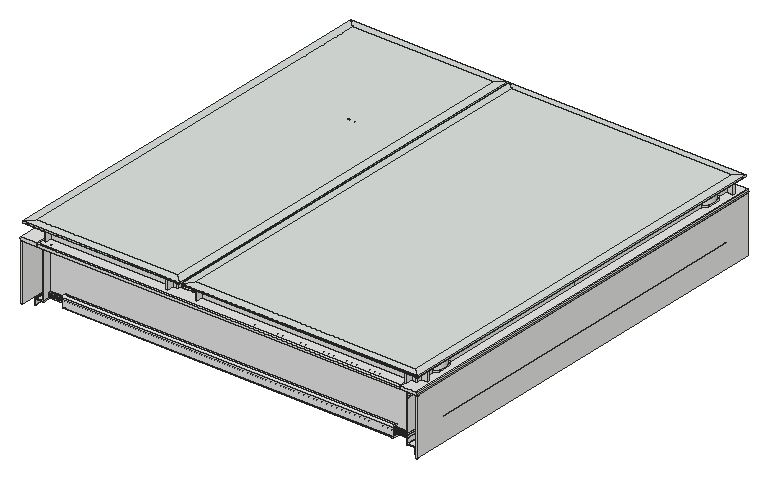
Revit family "Furniture-Medicine_Cabinet-KOHLER-Elosis-K-24656T_1", category Casework, host Face, Revit 2022
Family settings
  Host = Face
  OmniClass Number = 23.25.53.11.13.11
  OmniClass Title = Medicine Cabinet
  Cut with Voids When Loaded = No
  Shared = No
  Room Calculation Point = No
Parameters (values of type "0-White")
  Width = 25 3/64"  # constant formula
  WaterSense Certified = 1 = 0  # no
  URL = "http://www.kohler.com.cn/"
  Type = 1
  Product Page URL = ""
  Product Name = "Elosis"  # constant formula
  Product Documentation Link = ""
  Model = "K-24656T-0"  # constant formula
  Material = "Aluminium Construction"  # constant formula
  Master Format 2014 Name = "Bathroom Casework"  # constant formula
  Master Format 2014 = "12 35 30.23"  # constant formula
  Manufacturer Address = "Kohler Beijing Office (100016) 36-2-03-B, No. 88, Liuxiang Road, Beijing"  # constant formula
  Manufacturer = "Kohler Co."  # constant formula
  Product Finish = Kohler-Metal-0-White
  Height = 26 9/64"  # constant formula
  Hardware Included = 1 = 1  # yes
  Finish = "Kohler-Metal-0-White"  # constant formula
  Environmental Product Declaration = ""
  Description = "(635MM)-WHITE"  # constant formula
  Depth = 4 201/256"  # constant formula
  Default Elevation = 60"
  Declare Label = ""
  Date Modified = "05/09/2022"  # constant formula
  Date Created = "05/09/2022"  # constant formula
  Copyright = "Copyright Kohler Co."  # constant formula
  Contact Us = "http://www.kohler.com.cn/contact/contact-us/"
  Construction Type = "Wall Mount"  # constant formula
  Assembly Code = "E2010.30"
  ADA Compliant = 1 = 0  # no
Reference planes
  plane 1 "Center (Front/Back)": y = 0
  plane 2: z = 0
  plane 3 "Center (Left/Right)": x = 0
  plane 4: x = -318.1
  plane 5: y = 332
  plane 6: x = -295.622
  plane 7: y = 332
  plane 8: x = 318.091
  plane 9: y = 328.6
  plane 10: y = -332
  plane 11: y = -331.972
  plane 12: y = -328.6
  plane 13: x = -65.5
  plane 14: x = -61.509
  plane 15: z = 121.543
  plane 16: z = 102.2
  plane 17: z = 99.308
Dimensions and locks
  "Width": plane 4 to plane 8
  "Height": plane 7 to plane 11
  plane 4 to plane 13 = 9.94488"
  plane 14 to plane 8 = 14.94488"
  plane 9 to plane 12 = 25.87402"
  "Depth": plane 15 to level
  aligned and locked: plane 2 to host face
  aligned and locked: level to host face
Automatic sketch dimensions
  host sketch curve to host sketch curve = 96"  (x2)
Nested families
  nested 1: "K-24656T" at (0, 0, 0), type "K-24656T"
Definition of nested family "K-24656T"
  Parameters
    Material = none
    Default Elevation = 0"
  Reference planes
    plane 1 "Center (Front/Back)": y = 0
    plane 2: z = 0
    plane 3 "Center (Left/Right)": x = 0
    plane 4: x = -318.1
    plane 5: x = 318.1
    plane 6: x = -65.5
    plane 7: x = -61.5
    plane 8: y = 332
    plane 9: y = -332
    plane 10: z = 121.5
    plane 11: y = 328.6
    plane 12: y = -328.6
    plane 13: z = 102.2
    plane 14 "A": x = -295.622
  Forms (mm)
    Extrusion 1, solid, material <- "Material", detail levels medium+fine
      sketch origin (0, 0, 0) x (0, 1, 0) y (0, 0, 1)
        loop
          line (305, 97.656) -> (305, 13.443)
          arc (305, 13.443) -> (304.14, 11.368) -> (302.065, 10.508) r 2.935
          line (302.065, 10.508) -> (276.799, 10.508)
          arc (276.799, 10.508) -> (276.199, 9.908) -> (276.799, 9.308) r 0.6
          line (276.799, 9.308) -> (289.2, 9.308) -> (289.2, 4.908)
          arc (289.2, 4.908) -> (289.8, 4.308) -> (290.4, 4.908) r 0.6
          line (290.4, 4.908) -> (290.4, 9.308) -> (306.2, 9.308) -> (306.2, 12.941)
          arc (306.2, 12.941) -> (306.419, 13.377) -> (306.899, 13.462) r 0.543
          arc (306.899, 13.462) -> (308.404, 13.523) -> (309.553, 14.497) r 2.316
          arc (309.553, 14.497) -> (309.434, 15.375) -> (308.551, 15.458) r 0.713
          arc (308.551, 15.458) -> (305.994, 16.485) -> (308.528, 17.566) r 1.491
          arc (308.528, 17.566) -> (309.546, 17.934) -> (309.353, 18.999) r 0.838
          arc (309.353, 18.999) -> (308.168, 19.581) -> (306.847, 19.566) r 2.847
          arc (306.847, 19.566) -> (306.4, 19.66) -> (306.2, 20.07) r 0.52
          line (306.2, 20.07) -> (306.2, 85.714)
          arc (306.2, 85.714) -> (306.419, 86.149) -> (306.899, 86.234) r 0.543
          arc (306.899, 86.234) -> (308.404, 86.296) -> (309.553, 87.269) r 2.316
          arc (309.553, 87.269) -> (309.434, 88.148) -> (308.551, 88.23) r 0.713
          arc (308.551, 88.23) -> (305.994, 89.257) -> (308.528, 90.339) r 1.491
          arc (308.528, 90.339) -> (309.546, 90.707) -> (309.353, 91.771) r 0.838
          arc (309.353, 91.771) -> (308.168, 92.354) -> (306.847, 92.338) r 2.847
          arc (306.847, 92.338) -> (306.4, 92.433) -> (306.2, 92.843) r 0.52
          line (306.2, 92.843) -> (306.2, 97.244)
          arc (306.2, 97.244) -> (306.453, 97.855) -> (307.064, 98.108) r 0.864
          line (307.064, 98.108) -> (330.8, 98.108) -> (330.8, 95.607) -> (329.589, 95.607) -> (329.589, 94.308) -> (332, 94.308) -> (332, 97.953)
          arc (332, 97.953) -> (331.603, 98.911) -> (330.645, 99.308) r 1.355
          line (330.645, 99.308) -> (306.652, 99.308)
          arc (306.652, 99.308) -> (305.484, 98.824) -> (305, 97.656) r 1.652
        loop
          arc (-305, 97.656) -> (-305.484, 98.824) -> (-306.652, 99.308) r 1.652
          line (-306.652, 99.308) -> (-330.645, 99.308)
          arc (-330.645, 99.308) -> (-331.603, 98.911) -> (-332, 97.953) r 1.355
          line (-332, 97.953) -> (-332, 94.308) -> (-329.589, 94.308) -> (-329.589, 95.607) -> (-330.8, 95.607) -> (-330.8, 98.108) -> (-307.064, 98.108)
          arc (-307.064, 98.108) -> (-306.453, 97.855) -> (-306.2, 97.244) r 0.864
          line (-306.2, 97.244) -> (-306.2, 92.843)
          arc (-306.2, 92.843) -> (-306.4, 92.433) -> (-306.847, 92.338) r 0.52
          arc (-306.847, 92.338) -> (-308.168, 92.354) -> (-309.353, 91.771) r 2.847
          arc (-309.353, 91.771) -> (-309.546, 90.707) -> (-308.528, 90.339) r 0.838
          arc (-308.528, 90.339) -> (-305.994, 89.257) -> (-308.551, 88.23) r 1.491
          arc (-308.551, 88.23) -> (-309.434, 88.148) -> (-309.553, 87.269) r 0.713
          arc (-309.553, 87.269) -> (-308.404, 86.296) -> (-306.899, 86.234) r 2.316
          arc (-306.899, 86.234) -> (-306.419, 86.149) -> (-306.2, 85.714) r 0.543
          line (-306.2, 85.714) -> (-306.2, 20.07)
          arc (-306.2, 20.07) -> (-306.4, 19.66) -> (-306.847, 19.566) r 0.52
          arc (-306.847, 19.566) -> (-308.168, 19.581) -> (-309.353, 18.999) r 2.847
          arc (-309.353, 18.999) -> (-309.546, 17.934) -> (-308.528, 17.566) r 0.838
          arc (-308.528, 17.566) -> (-305.994, 16.485) -> (-308.551, 15.458) r 1.491
          arc (-308.551, 15.458) -> (-309.434, 15.375) -> (-309.553, 14.497) r 0.713
          arc (-309.553, 14.497) -> (-308.404, 13.523) -> (-306.899, 13.462) r 2.316
          arc (-306.899, 13.462) -> (-306.419, 13.377) -> (-306.2, 12.941) r 0.543
          line (-306.2, 12.941) -> (-306.2, 9.308) -> (-290.4, 9.308) -> (-290.4, 4.908)
          arc (-290.4, 4.908) -> (-289.8, 4.308) -> (-289.2, 4.908) r 0.6
          line (-289.2, 4.908) -> (-289.2, 9.308) -> (-276.799, 9.308)
          arc (-276.799, 9.308) -> (-276.199, 9.908) -> (-276.799, 10.508) r 0.6
          line (-276.799, 10.508) -> (-302.065, 10.508)
          arc (-302.065, 10.508) -> (-304.14, 11.368) -> (-305, 13.443) r 2.935
          line (-305, 13.443) -> (-305, 97.656)
      from -291 to 291
    Extrusion 2, solid, material <- "Material", detail levels medium+fine
      sketch origin (0, 0, 0) x (1, 0, 0) y (0, 0, 1)
        loop
          line (292.239, 82.851) -> (292.239, 94.708) -> (291, 94.708) -> (291, 10.362)
          arc (291, 10.362) -> (291.309, 9.617) -> (292.054, 9.308) r 1.054
          line (292.054, 9.308) -> (303.082, 9.308)
          arc (303.082, 9.308) -> (303.59, 9.098) -> (303.8, 8.59) r 0.718
          line (303.8, 8.59) -> (303.8, 0.6)
          arc (303.8, 0.6) -> (304.4, 0) -> (305, 0.6) r 0.6
          line (305, 0.6) -> (305, 9.624)
          arc (305, 9.624) -> (304.741, 10.249) -> (304.116, 10.508) r 0.884
          line (304.116, 10.508) -> (292.891, 10.508)
          arc (292.891, 10.508) -> (292.403, 10.711) -> (292.2, 11.199) r 0.691
          line (292.2, 11.199) -> (292.2, 18.808)
          arc (292.2, 18.808) -> (292.494, 19.163) -> (292.6, 19.612) r 1.008
          line (292.6, 19.612) -> (292.6, 21.734) -> (291.747, 22.331) -> (292.6, 22.929) -> (292.6, 25.012)
          arc (292.6, 25.012) -> (292.506, 25.47) -> (292.239, 25.855) r 1.166
          line (292.239, 25.855) -> (292.239, 75.835)
          arc (292.239, 75.835) -> (292.505, 76.182) -> (292.6, 76.608) r 1.008
          line (292.6, 76.608) -> (292.6, 78.73) -> (291.747, 79.327) -> (292.6, 79.925) -> (292.6, 82.008)
          arc (292.6, 82.008) -> (292.506, 82.467) -> (292.239, 82.851) r 1.166
      from -319 to 319
    Extrusion 3, solid, material <- "Material", detail levels medium+fine
      sketch origin (0, 0, 0) x (-1, 0, 0) y (0, 0, -1)
        loop
          arc (292.239, -82.851) -> (292.506, -82.467) -> (292.6, -82.008) r 1.166
          line (292.6, -82.008) -> (292.6, -79.925) -> (291.747, -79.327) -> (292.6, -78.73) -> (292.6, -76.608)
          arc (292.6, -76.608) -> (292.505, -76.182) -> (292.239, -75.835) r 1.008
          line (292.239, -75.835) -> (292.239, -25.855)
          arc (292.239, -25.855) -> (292.506, -25.47) -> (292.6, -25.012) r 1.166
          line (292.6, -25.012) -> (292.6, -22.929) -> (291.747, -22.331) -> (292.6, -21.734) -> (292.6, -19.612)
          arc (292.6, -19.612) -> (292.494, -19.163) -> (292.2, -18.808) r 1.008
          line (292.2, -18.808) -> (292.2, -11.199)
          arc (292.2, -11.199) -> (292.403, -10.711) -> (292.891, -10.508) r 0.691
          line (292.891, -10.508) -> (304.116, -10.508)
          arc (304.116, -10.508) -> (304.741, -10.249) -> (305, -9.624) r 0.884
          line (305, -9.624) -> (305, -0.6)
          arc (305, -0.6) -> (304.4, 0) -> (303.8, -0.6) r 0.6
          line (303.8, -0.6) -> (303.8, -8.59)
          arc (303.8, -8.59) -> (303.59, -9.098) -> (303.082, -9.308) r 0.718
          line (303.082, -9.308) -> (292.054, -9.308)
          arc (292.054, -9.308) -> (291.309, -9.617) -> (291, -10.362) r 1.054
          line (291, -10.362) -> (291, -94.708) -> (292.239, -94.708) -> (292.239, -82.851)
      from -319 to 319
    Extrusion 4, solid, material <- "Material", detail levels medium+fine
      sketch origin (0, 0, 0) x (1, 0, 0) y (0, 0, 1)
        loop
          line (-291, 99.308) -> (-316.575, 99.308)
          arc (-316.575, 99.308) -> (-317.583, 98.891) -> (-318, 97.884) r 1.425
          line (-318, 97.884) -> (-318, 94.91)
          arc (-318, 94.91) -> (-317.824, 94.484) -> (-317.398, 94.308) r 0.602
          line (-317.398, 94.308) -> (-315.9, 94.308)
          arc (-315.9, 94.308) -> (-315.496, 94.415) -> (-315.197, 94.708) r 0.818
          line (-315.197, 94.708) -> (-291, 94.708) -> (-291, 99.308)
      from -332 to 332
    Extrusion 5, solid, material <- "Material", detail levels medium+fine
      sketch origin (0, 0, 0) x (1, 0, 0) y (0, 0, 1)
        loop
          line (-315.1, 3.808) -> (-315.1, 93.808)
          arc (-315.1, 93.808) -> (-316.6, 94.309) -> (-318.1, 93.808) r 2.498
          line (-318.1, 93.808) -> (-318.1, 3.808)
          arc (-318.1, 3.808) -> (-316.6, 3.298) -> (-315.1, 3.808) r 2.462
      from -330.8 to 330.8
    Extrusion 6, solid, material <- "Material", detail levels medium+fine
      sketch origin (0, 0, 0) x (-1, 0, 0) y (0, 0, -1)
        loop
          line (-291, -99.308) -> (-291, -94.708) -> (-315.197, -94.708)
          arc (-315.197, -94.708) -> (-315.496, -94.415) -> (-315.9, -94.308) r 0.818
          line (-315.9, -94.308) -> (-317.398, -94.308)
          arc (-317.398, -94.308) -> (-317.824, -94.484) -> (-318, -94.91) r 0.602
          line (-318, -94.91) -> (-318, -97.884)
          arc (-318, -97.884) -> (-317.583, -98.891) -> (-316.575, -99.308) r 1.425
          line (-316.575, -99.308) -> (-291, -99.308)
      from -332 to 332
    Extrusion 7, solid, material <- "Material", detail levels medium+fine
      sketch origin (0, 0, 0) x (-1, 0, 0) y (0, 0, -1)
        loop
          arc (-315.1, -3.808) -> (-316.6, -3.298) -> (-318.1, -3.808) r 2.462
          line (-318.1, -3.808) -> (-318.1, -93.808)
          arc (-318.1, -93.808) -> (-316.6, -94.309) -> (-315.1, -93.808) r 2.498
          line (-315.1, -93.808) -> (-315.1, -3.808)
      from -330.8 to 330.8
    Extrusion 8, solid, material <- "Material", detail levels medium+fine
      sketch origin (0, 0, 0) x (1, 0, 0) y (0, 1, 0)
        loop
          line (-302.5, 287) -> (-302.5, -287) -> (302.5, -287) -> (302.5, 287) -> (-302.5, 287)
      from 6.308 to 9.308
    Extrusion 9, solid, material <- "Material", detail levels medium+fine
      sketch origin (0, 0, 0) x (0, 1, 0) y (0, 0, 1)
        loop
          line (-311.763, 9.543) -> (-311.763, 21.42)
          arc (-311.763, 21.42) -> (-311.298, 22.543) -> (-310.175, 23.008) r 1.588
          line (-310.175, 23.008) -> (-306.863, 23.008) -> (-306.863, 24.508) -> (-310.26, 24.508)
          arc (-310.26, 24.508) -> (-312.383, 23.629) -> (-313.263, 21.506) r 3.003
          line (-313.263, 21.506) -> (-313.263, 7.637)
          arc (-313.263, 7.637) -> (-312.932, 6.839) -> (-312.133, 6.508) r 1.129
          line (-312.133, 6.508) -> (-304.863, 6.508) -> (-303.563, 7.808) -> (-296.163, 7.808) -> (-294.863, 6.508) -> (-290.863, 6.508) -> (-290.863, 8.008) -> (-294.241, 8.008) -> (-295.541, 9.308) -> (-304.184, 9.308) -> (-305.484, 8.008) -> (-310.228, 8.008)
          arc (-310.228, 8.008) -> (-311.313, 8.458) -> (-311.763, 9.543) r 1.535
      from -265 to 265.096
    Extrusion 10, solid, material <- "Material", detail levels medium+fine
      sketch origin (0, 0, 0) x (1, 0, 0) y (0, 1, 0)
        loop
          line (-293.4, -222.705) -> (-293.4, -239.295) -> (-315.1, -260.25) -> (-315.1, -278.25) -> (-314.3, -278.25) -> (-314.3, -260.59) -> (-292.6, -239.634) -> (-292.6, -222.366) -> (-314.3, -201.41) -> (-314.3, -183.75) -> (-315.1, -183.75) -> (-315.1, -201.75) -> (-293.4, -222.705)
        loop
          line (293.4, -222.705) -> (315.1, -201.75) -> (315.1, -183.75) -> (314.3, -183.75) -> (314.3, -201.41) -> (292.6, -222.366) -> (292.6, -239.634) -> (314.3, -260.59) -> (314.3, -278.25) -> (315.1, -278.25) -> (315.1, -260.25) -> (293.4, -239.295) -> (293.4, -222.705)
        loop
          line (-293.4, 222.705) -> (-315.1, 201.75) -> (-315.1, 183.75) -> (-314.3, 183.75) -> (-314.3, 201.41) -> (-292.239, 222.714) -> (-292.239, 239.286) -> (-314.3, 260.59) -> (-314.3, 278.25) -> (-315.1, 278.25) -> (-315.1, 260.25) -> (-293.4, 239.295) -> (-293.4, 222.705)
        loop
          line (293.4, 222.705) -> (293.4, 239.295) -> (315.1, 260.25) -> (315.1, 278.25) -> (314.3, 278.25) -> (314.3, 260.59) -> (292.239, 239.286) -> (292.239, 222.714) -> (314.3, 201.41) -> (314.3, 183.75) -> (315.1, 183.75) -> (315.1, 201.75) -> (293.4, 222.705)
      from 10.508 to 95.607
    Extrusion 11, solid, material <- "Material", detail levels medium+fine
      sketch origin (0, 0, 0) x (1, 0, 0) y (0, 1, 0)
        loop
          arc (-47.853, 316) -> (-49.548, 315.298) -> (-50.25, 313.603) r 2.397
          line (-50.25, 313.603) -> (-50.25, 307.5) -> (-60.25, 307.5) -> (-60.25, 305) -> (-50.25, 305) -> (-50.25, -305) -> (-60.25, -305) -> (-60.25, -307.5) -> (-50.25, -307.5) -> (-50.25, -313.64)
          arc (-50.25, -313.64) -> (-49.559, -315.309) -> (-47.89, -316) r 2.36
          line (-47.89, -316) -> (-41.75, -316) -> (-41.75, -326) -> (-39.25, -326) -> (-39.25, -316) -> (294.25, -316) -> (294.25, -326) -> (296.75, -326) -> (296.75, -316) -> (302.761, -316)
          arc (302.761, -316) -> (304.521, -315.271) -> (305.25, -313.511) r 2.489
          line (305.25, -313.511) -> (305.25, -307.5) -> (315.25, -307.5) -> (315.25, -305) -> (305.25, -305) -> (305.25, -1.278) -> (305.25, 305) -> (315.25, 305) -> (315.25, 307.5) -> (305.25, 307.5) -> (305.25, 313.603)
          arc (305.25, 313.603) -> (304.548, 315.298) -> (302.853, 316) r 2.397
          line (302.853, 316) -> (296.75, 316) -> (296.75, 326) -> (294.25, 326) -> (294.25, 316) -> (-39.25, 316) -> (-39.25, 326) -> (-41.75, 326) -> (-41.75, 316) -> (-47.853, 316)
        loop
          arc (-290.203, 316) -> (-291.898, 315.298) -> (-292.6, 313.603) r 2.397
          line (-292.6, 313.603) -> (-292.6, 307.5) -> (-302.6, 307.5) -> (-302.6, 305) -> (-292.6, 305) -> (-292.6, -305) -> (-302.6, -305) -> (-302.6, -307.5) -> (-292.6, -307.5) -> (-292.6, -313.64)
          arc (-292.6, -313.64) -> (-291.909, -315.309) -> (-290.24, -316) r 2.36
          line (-290.24, -316) -> (-284.1, -316) -> (-284.1, -326) -> (-281.6, -326) -> (-281.6, -316) -> (-88.775, -316) -> (-88.775, -326) -> (-86.275, -326) -> (-86.275, -316) -> (-80.135, -316)
          arc (-80.135, -316) -> (-78.466, -315.309) -> (-77.775, -313.64) r 2.36
          line (-77.775, -313.64) -> (-77.775, -307.5) -> (-67.775, -307.5) -> (-67.775, -305) -> (-77.775, -305) -> (-77.775, 305) -> (-67.775, 305) -> (-67.775, 307.5) -> (-77.775, 307.5) -> (-77.775, 313.603)
          arc (-77.775, 313.603) -> (-78.477, 315.298) -> (-80.172, 316) r 2.397
          line (-80.172, 316) -> (-86.275, 316) -> (-86.275, 326) -> (-88.775, 326) -> (-88.775, 316) -> (-281.6, 316) -> (-281.6, 326) -> (-284.1, 326) -> (-284.1, 316) -> (-290.203, 316)
      from 102.2 to 116.408
    Extrusion 12, solid, material <- "Material", detail levels medium+fine
      sketch origin (0, 0, 0) x (1, 0, 0) y (0, 1, 0)
        loop
          line (-291, -306.863) -> (291, -306.863) -> (291, 308.528) -> (-291, 308.528) -> (-291, -306.863)
      from 93.808 to 94.708
    Sweep 13, solid, detail levels medium+fine
      path origin (0, 0, 0) x (1, 0, 0) y (0, 1, 0)
        loop
          line (-61.5, 328.5) -> (-61.5, -328.5) -> (316.5, -328.5) -> (316.5, 328.5) -> (-61.5, 328.5)
      profile origin (-61.5, 0, 0) x (-1, 0, 0) y (0, 0, 1)
        loop
          line (0, 120.5) -> (-12.5, 121.5) -> (-13.377, 121.5) -> (-13.377, 116.408) -> (-1.935, 116.408)
          arc (-1.935, 116.408) -> (-1.451, 116.609) -> (-1.25, 117.094) r 0.685
          line (-1.25, 117.094) -> (-1.25, 118.5) -> (0, 118.5) -> (0, 120.5)
    Extrusion 14, solid, detail levels medium+fine
      sketch origin (0, 0, 0) x (1, 0, 0) y (0, 1, 0)
        loop
          line (-48.123, 315.123) -> (-48.123, -315.123) -> (303.123, -315.123) -> (303.123, 315.123) -> (-48.123, 315.123)
      from 116.408 to 121.5
    Sweep 15, solid, detail levels medium+fine
      path origin (0, 0, 0) x (1, 0, 0) y (0, 1, 0)
        loop
          line (-65.5, 328.5) -> (-316.5, 328.5) -> (-316.5, -328.5) -> (-65.5, -328.5) -> (-65.5, 328.5)
      profile origin (-316.5, 0, 0) x (1, 0, 0) y (0, 0, 1)
        loop
          line (0, 120.5) -> (0, 118.5) -> (2.403, 118.5) -> (2.403, 117.022)
          arc (2.403, 117.022) -> (2.583, 116.588) -> (3.017, 116.408) r 0.614
          line (3.017, 116.408) -> (13.299, 116.408) -> (13.299, 121.5) -> (12.5, 121.5) -> (0, 120.5)
    Extrusion 16, solid, detail levels medium+fine
      sketch origin (0, 0, 0) x (1, 0, 0) y (0, 1, 0)
        loop
          line (-303.201, 315.201) -> (-303.201, -315.201) -> (-78.799, -315.201) -> (-78.799, 315.201) -> (-303.201, 315.201)
      from 116.408 to 121.5
    Extrusion 17, solid, material <- "Material", detail levels medium+fine
      sketch origin (0, 0, 0) x (1, 0, 0) y (0, 1, 0)
        loop
          line (-312.75, 280.036) -> (-312.75, 258.964)
          arc (-312.75, 258.964) -> (-307.236, 253.127) -> (-299.87, 249.929) r 20
          arc (-299.87, 249.929) -> (-298.706, 249.218) -> (-298.25, 247.932) r 2.041
          line (-298.25, 247.932) -> (-298.25, 240.785)
          arc (-298.25, 240.785) -> (-297.581, 239.169) -> (-295.965, 238.5) r 2.285
          line (-295.965, 238.5) -> (-279.57, 238.5)
          arc (-279.57, 238.5) -> (-277.576, 239.326) -> (-276.75, 241.32) r 2.82
          line (-276.75, 241.32) -> (-276.75, 297.68)
          arc (-276.75, 297.68) -> (-277.576, 299.674) -> (-279.57, 300.5) r 2.82
          line (-279.57, 300.5) -> (-295.965, 300.5)
          arc (-295.965, 300.5) -> (-297.581, 299.831) -> (-298.25, 298.215) r 2.285
          line (-298.25, 298.215) -> (-298.25, 291.068)
          arc (-298.25, 291.068) -> (-298.706, 289.782) -> (-299.87, 289.071) r 2.041
          arc (-299.87, 289.071) -> (-307.236, 285.873) -> (-312.75, 280.036) r 20
        loop
          arc (312.75, 280.036) -> (307.236, 285.873) -> (299.87, 289.071) r 20
          arc (299.87, 289.071) -> (298.706, 289.782) -> (298.25, 291.068) r 2.041
          line (298.25, 291.068) -> (298.25, 298.215)
          arc (298.25, 298.215) -> (297.581, 299.831) -> (295.965, 300.5) r 2.285
          line (295.965, 300.5) -> (279.57, 300.5)
          arc (279.57, 300.5) -> (277.576, 299.674) -> (276.75, 297.68) r 2.82
          line (276.75, 297.68) -> (276.75, 241.32)
          arc (276.75, 241.32) -> (277.576, 239.326) -> (279.57, 238.5) r 2.82
          line (279.57, 238.5) -> (295.965, 238.5)
          arc (295.965, 238.5) -> (297.581, 239.169) -> (298.25, 240.785) r 2.285
          line (298.25, 240.785) -> (298.25, 247.932)
          arc (298.25, 247.932) -> (298.706, 249.218) -> (299.87, 249.929) r 2.041
          arc (299.87, 249.929) -> (307.236, 253.127) -> (312.75, 258.964) r 20
          line (312.75, 258.964) -> (312.75, 280.036)
        loop
          arc (-312.75, -280.036) -> (-307.236, -285.873) -> (-299.87, -289.071) r 20
          arc (-299.87, -289.071) -> (-298.706, -289.782) -> (-298.25, -291.068) r 2.041
          line (-298.25, -291.068) -> (-298.25, -298.215)
          arc (-298.25, -298.215) -> (-297.581, -299.831) -> (-295.965, -300.5) r 2.285
          line (-295.965, -300.5) -> (-279.57, -300.5)
          arc (-279.57, -300.5) -> (-277.576, -299.674) -> (-276.75, -297.68) r 2.82
          line (-276.75, -297.68) -> (-276.75, -241.32)
          arc (-276.75, -241.32) -> (-277.576, -239.326) -> (-279.57, -238.5) r 2.82
          line (-279.57, -238.5) -> (-295.965, -238.5)
          arc (-295.965, -238.5) -> (-297.581, -239.169) -> (-298.25, -240.785) r 2.285
          line (-298.25, -240.785) -> (-298.25, -247.932)
          arc (-298.25, -247.932) -> (-298.706, -249.218) -> (-299.87, -249.929) r 2.041
          arc (-299.87, -249.929) -> (-307.236, -253.127) -> (-312.75, -258.964) r 20
          line (-312.75, -258.964) -> (-312.75, -280.036)
        loop
          line (312.75, -280.036) -> (312.75, -258.964)
          arc (312.75, -258.964) -> (307.236, -253.127) -> (299.87, -249.929) r 20
          arc (299.87, -249.929) -> (298.706, -249.218) -> (298.25, -247.932) r 2.041
          line (298.25, -247.932) -> (298.25, -240.785)
          arc (298.25, -240.785) -> (297.581, -239.169) -> (295.965, -238.5) r 2.285
          line (295.965, -238.5) -> (279.57, -238.5)
          arc (279.57, -238.5) -> (277.576, -239.326) -> (276.75, -241.32) r 2.82
          line (276.75, -241.32) -> (276.75, -297.68)
          arc (276.75, -297.68) -> (277.576, -299.674) -> (279.57, -300.5) r 2.82
          line (279.57, -300.5) -> (295.965, -300.5)
          arc (295.965, -300.5) -> (297.581, -299.831) -> (298.25, -298.215) r 2.285
          line (298.25, -298.215) -> (298.25, -291.068)
          arc (298.25, -291.068) -> (298.706, -289.782) -> (299.87, -289.071) r 2.041
          arc (299.87, -289.071) -> (307.236, -285.873) -> (312.75, -280.036) r 20
      from 105.808 to 104.004
    Extrusion 18, solid, material <- "Material", detail levels medium+fine
      sketch origin (0, 0, 0) x (1, 0, 0) y (0, 1, 0)
        loop
          line (-297.25, -240.9) -> (-297.25, -251.065)
          arc (-297.25, -251.065) -> (-296.83, -252.08) -> (-295.815, -252.5) r 1.435
          line (-295.815, -252.5) -> (-279.15, -252.5)
          arc (-279.15, -252.5) -> (-278.16, -252.09) -> (-277.75, -251.1) r 1.4
          line (-277.75, -251.1) -> (-277.75, -240.9)
          arc (-277.75, -240.9) -> (-278.16, -239.91) -> (-279.15, -239.5) r 1.4
          line (-279.15, -239.5) -> (-295.85, -239.5)
          arc (-295.85, -239.5) -> (-296.84, -239.91) -> (-297.25, -240.9) r 1.4
        loop
          line (-297.25, -287.9) -> (-297.25, -298.065)
          arc (-297.25, -298.065) -> (-296.83, -299.08) -> (-295.815, -299.5) r 1.435
          line (-295.815, -299.5) -> (-279.15, -299.5)
          arc (-279.15, -299.5) -> (-278.16, -299.09) -> (-277.75, -298.1) r 1.4
          line (-277.75, -298.1) -> (-277.75, -287.9)
          arc (-277.75, -287.9) -> (-278.16, -286.91) -> (-279.15, -286.5) r 1.4
          line (-279.15, -286.5) -> (-295.85, -286.5)
          arc (-295.85, -286.5) -> (-296.84, -286.91) -> (-297.25, -287.9) r 1.4
        loop
          arc (-297.25, 240.9) -> (-296.84, 239.91) -> (-295.85, 239.5) r 1.4
          line (-295.85, 239.5) -> (-279.15, 239.5)
          arc (-279.15, 239.5) -> (-278.16, 239.91) -> (-277.75, 240.9) r 1.4
          line (-277.75, 240.9) -> (-277.75, 251.1)
          arc (-277.75, 251.1) -> (-278.16, 252.09) -> (-279.15, 252.5) r 1.4
          line (-279.15, 252.5) -> (-295.815, 252.5)
          arc (-295.815, 252.5) -> (-296.83, 252.08) -> (-297.25, 251.065) r 1.435
          line (-297.25, 251.065) -> (-297.25, 240.9)
        loop
          arc (-297.25, 287.9) -> (-296.84, 286.91) -> (-295.85, 286.5) r 1.4
          line (-295.85, 286.5) -> (-279.15, 286.5)
          arc (-279.15, 286.5) -> (-278.16, 286.91) -> (-277.75, 287.9) r 1.4
          line (-277.75, 287.9) -> (-277.75, 298.1)
          arc (-277.75, 298.1) -> (-278.16, 299.09) -> (-279.15, 299.5) r 1.4
          line (-279.15, 299.5) -> (-295.815, 299.5)
          arc (-295.815, 299.5) -> (-296.83, 299.08) -> (-297.25, 298.065) r 1.435
          line (-297.25, 298.065) -> (-297.25, 287.9)
        loop
          arc (297.25, -240.9) -> (296.84, -239.91) -> (295.85, -239.5) r 1.4
          line (295.85, -239.5) -> (279.15, -239.5)
          arc (279.15, -239.5) -> (278.16, -239.91) -> (277.75, -240.9) r 1.4
          line (277.75, -240.9) -> (277.75, -251.1)
          arc (277.75, -251.1) -> (278.16, -252.09) -> (279.15, -252.5) r 1.4
          line (279.15, -252.5) -> (295.815, -252.5)
          arc (295.815, -252.5) -> (296.83, -252.08) -> (297.25, -251.065) r 1.435
          line (297.25, -251.065) -> (297.25, -240.9)
        loop
          arc (297.25, -287.9) -> (296.84, -286.91) -> (295.85, -286.5) r 1.4
          line (295.85, -286.5) -> (279.15, -286.5)
          arc (279.15, -286.5) -> (278.16, -286.91) -> (277.75, -287.9) r 1.4
          line (277.75, -287.9) -> (277.75, -298.1)
          arc (277.75, -298.1) -> (278.16, -299.09) -> (279.15, -299.5) r 1.4
          line (279.15, -299.5) -> (295.815, -299.5)
          arc (295.815, -299.5) -> (296.83, -299.08) -> (297.25, -298.065) r 1.435
          line (297.25, -298.065) -> (297.25, -287.9)
        loop
          line (297.25, 240.9) -> (297.25, 251.065)
          arc (297.25, 251.065) -> (296.83, 252.08) -> (295.815, 252.5) r 1.435
          line (295.815, 252.5) -> (279.15, 252.5)
          arc (279.15, 252.5) -> (278.16, 252.09) -> (277.75, 251.1) r 1.4
          line (277.75, 251.1) -> (277.75, 240.9)
          arc (277.75, 240.9) -> (278.16, 239.91) -> (279.15, 239.5) r 1.4
          line (279.15, 239.5) -> (295.85, 239.5)
          arc (295.85, 239.5) -> (296.84, 239.91) -> (297.25, 240.9) r 1.4
        loop
          line (297.25, 287.9) -> (297.25, 298.065)
          arc (297.25, 298.065) -> (296.83, 299.08) -> (295.815, 299.5) r 1.435
          line (295.815, 299.5) -> (279.15, 299.5)
          arc (279.15, 299.5) -> (278.16, 299.09) -> (277.75, 298.1) r 1.4
          line (277.75, 298.1) -> (277.75, 287.9)
          arc (277.75, 287.9) -> (278.16, 286.91) -> (279.15, 286.5) r 1.4
          line (279.15, 286.5) -> (295.85, 286.5)
          arc (295.85, 286.5) -> (296.84, 286.91) -> (297.25, 287.9) r 1.4
      from 104.004 to 98.108
    Revolve 19, solid, material <- "Material", detail levels medium+fine
      sketch origin (-295.622, 0, 0) x (0, 1, 0) y (0, 0, 1)
        loop
          line (269.5, 105.808) -> (287.003, 105.808) -> (287.003, 115.301) -> (285.897, 116.408) -> (269.5, 116.408) -> (269.5, 105.808)
        axis (269.5, 116.408) -> (269.5, 105.808)
      angle from 0 to 360
    Revolve 20, solid, material <- "Material", detail levels medium+fine
      sketch origin (-295.622, 0, 0) x (0, -1, 0) y (0, 0, -1)
        loop
          line (269.5, -105.808) -> (269.5, -116.408) -> (285.897, -116.408) -> (287.003, -115.301) -> (287.003, -105.808) -> (269.5, -105.808)
        axis (269.5, -116.408) -> (269.5, -105.808)
      angle from 0 to 360
    Revolve 21, solid, material <- "Material", detail levels medium+fine
      sketch origin (295.622, 0, 0) x (0, 1, 0) y (0, 0, -1)
        loop
          line (269.5, -105.808) -> (269.5, -116.408) -> (285.897, -116.408) -> (287.003, -115.301) -> (287.003, -105.808) -> (269.5, -105.808)
        axis (269.5, -116.408) -> (269.5, -105.808)
      angle from 0 to 360
    Revolve 22, solid, material <- "Material", detail levels medium+fine
      sketch origin (295.622, 0, 0) x (0, -1, 0) y (0, 0, 1)
        loop
          line (269.5, 105.808) -> (287.003, 105.808) -> (287.003, 115.301) -> (285.897, 116.408) -> (269.5, 116.408) -> (269.5, 105.808)
        axis (269.5, 116.408) -> (269.5, 105.808)
      angle from 0 to 360
    Extrusion 23, solid, material <- "Material", detail levels medium+fine
      sketch origin (0, 0, 0) x (1, 0, 0) y (0, 1, 0)
        loop
          line (-264.25, 312.5) -> (-264.25, -287) -> (-79.25, -287) -> (-79.25, 312.5) -> (-264.25, 312.5)
        loop
          line (251.25, -287) -> (251.25, 312.5) -> (-47.75, 312.5) -> (-47.75, -287) -> (251.25, -287)
      from 98.108 to 102.808
    Extrusion 24, solid, material <- "Material", detail levels coarse
      sketch origin (0, 0, 0) x (1, 0, 0) y (0, 1, 0)
        loop
          line (-318.1, 332) -> (-318.1, -332) -> (-291, -332) -> (-291, 332) -> (-318.1, 332)
        loop
          line (318.1, 332) -> (291, 332) -> (291, -332) -> (318.1, -332) -> (318.1, 332)
      from 0 to 99.308
    Extrusion 25, solid, material <- "Material", detail levels coarse
      sketch origin (0, 0, 0) x (1, 0, 0) y (0, 1, 0)
        loop
          line (-291, -328.6) -> (291, -328.6) -> (291, 328.6) -> (-291, 328.6) -> (-291, -328.6)
      from 0 to 99.308
    Extrusion 26, solid, material <- "Material", detail levels coarse
      sketch origin (0, 0, 0) x (1, 0, 0) y (0, 1, 0)
        loop
          line (-77.775, 316) -> (-304, 316) -> (-304, -316) -> (-77.775, -316) -> (-77.775, 316)
        loop
          line (304, 316) -> (-49, 316) -> (-49, -316) -> (304, -316) -> (304, 316)
      from 99.308 to 116.408
    Extrusion 27, solid, detail levels coarse
      sketch origin (0, 0, 0) x (1, 0, 0) y (0, 1, 0)
        loop
          line (-316.5, 328.6) -> (-316.5, -328.6) -> (-65.5, -328.6) -> (-65.5, 328.6) -> (-316.5, 328.6)
        loop
          line (-61.5, 328.6) -> (-61.5, -328.6) -> (316.5, -328.6) -> (316.5, 328.6) -> (-61.5, 328.6)
      from 116.408 to 121.5
  Cuts and joins
    joined: Sweep 15, Extrusion 16
    joined: Sweep 13, Extrusion 14
  Lines and regions (mm)
    Masking region 1
      outline origin (0, 0, 0) x (1, 0, 0) y (0, 1, 0)
        loop
          line (-318.1, 332) -> (-318.1, -332) -> (318.1, -332) -> (318.1, 332) -> (-318.1, 332)
    Masking region 2
      outline origin (-295.622, 0, 0) x (0, 1, 0) y (0, 0, 1)
        loop
          line (316, 121.5) -> (-316, 121.5) -> (-328.6, 120.492) -> (-328.6, 118.5) -> (-327.25, 118.5) -> (-327.25, 116.408) -> (-326, 116.408) -> (-326, 102.2) -> (-299.5, 102.2) -> (-299.5, 99.308) -> (-332, 99.308) -> (-332, 94.308) -> (-330.8, 94.308) -> (-330.8, 3.298) -> (-319, 3.298) -> (-319, 0) -> (319, 0) -> (319, 3.298) -> (330.8, 3.298) -> (330.8, 94.308) -> (332, 94.308) -> (332, 99.308) -> (312.5, 99.308) -> (312.5, 102.2) -> (326, 102.2) -> (326, 116.408) -> (327.25, 116.408) -> (327.25, 118.5) -> (328.6, 118.5) -> (328.6, 120.492) -> (316, 121.5)
    Masking region 3
      outline origin (0, 0, 0) x (1, 0, 0) y (0, 0, 1)
        loop
          line (316.5, 120.5) -> (304, 121.5) -> (-49, 121.5) -> (-61.5, 120.5) -> (-61.5, 118.5) -> (-60.25, 118.5) -> (-60.25, 117.284)
          arc (-60.25, 117.284) -> (-60.016, 116.687) -> (-59.439, 116.408) r 0.878
          line (-59.439, 116.408) -> (-60.25, 116.408) -> (-60.25, 102.2) -> (-47.75, 102.2) -> (-47.75, 99.308) -> (-79.25, 99.308) -> (-79.25, 102.2) -> (-67.775, 102.2) -> (-67.775, 116.408) -> (-68.586, 116.408)
          arc (-68.586, 116.408) -> (-68.009, 116.687) -> (-67.775, 117.284) r 0.878
          line (-67.775, 117.284) -> (-67.775, 118.5) -> (-65.5, 118.5) -> (-65.5, 120.5) -> (-78, 121.5) -> (-304, 121.5) -> (-316.5, 120.5) -> (-316.5, 118.5) -> (-314.097, 118.5) -> (-314.097, 117.284)
          arc (-314.097, 117.284) -> (-313.863, 116.687) -> (-313.287, 116.408) r 0.878
          line (-313.287, 116.408) -> (-312.019, 116.408) -> (-313.126, 115.301) -> (-313.126, 104.004) -> (-302.6, 104.004) -> (-302.6, 102.2) -> (-297.247, 102.2) -> (-297.247, 99.308) -> (-317.069, 99.308)
          arc (-317.069, 99.308) -> (-317.798, 99.006) -> (-318.1, 98.277) r 1.031
          line (-318.1, 98.277) -> (-318.1, 94.998)
          arc (-318.1, 94.998) -> (-317.898, 94.51) -> (-317.41, 94.308) r 0.69
          arc (-317.41, 94.308) -> (-317.898, 94.106) -> (-318.1, 93.618) r 0.69
          line (-318.1, 93.618) -> (-318.1, 3.808)
          arc (-318.1, 3.808) -> (-316.6, 3.298) -> (-315.1, 3.808) r 2.462
          line (-315.1, 3.808) -> (-315.1, 10.508) -> (-304.116, 10.508)
          arc (-304.116, 10.508) -> (-304.741, 10.249) -> (-305, 9.624) r 0.884
          line (-305, 9.624) -> (-305, 0.6)
          arc (-305, 0.6) -> (-304.4, 0) -> (-303.8, 0.6) r 0.6
          line (-303.8, 0.6) -> (-303.8, 9.308) -> (-302.5, 9.308) -> (-302.5, 6.308) -> (-291, 6.308) -> (-291, 4.308) -> (291, 4.308) -> (291, 6.308) -> (302.5, 6.308) -> (302.5, 9.308) -> (303.8, 9.308) -> (303.8, 0.6)
          arc (303.8, 0.6) -> (304.4, 0) -> (305, 0.6) r 0.6
          line (305, 0.6) -> (305, 9.624)
          arc (305, 9.624) -> (304.741, 10.249) -> (304.116, 10.508) r 0.884
          line (304.116, 10.508) -> (315.1, 10.508) -> (315.1, 3.808)
          arc (315.1, 3.808) -> (316.6, 3.298) -> (318.1, 3.808) r 2.462
          line (318.1, 3.808) -> (318.1, 97.942)
          arc (318.1, 97.942) -> (317.7, 98.908) -> (316.734, 99.308) r 1.366
          line (316.734, 99.308) -> (297.249, 99.308) -> (297.249, 102.2) -> (315.25, 102.2) -> (315.25, 116.408) -> (314.439, 116.408)
          arc (314.439, 116.408) -> (315.014, 116.657) -> (315.25, 117.237) r 0.829
          line (315.25, 117.237) -> (315.25, 118.5) -> (316.5, 118.5) -> (316.5, 120.5)
        loop
          line (251.25, 102.2) -> (251.25, 99.308) -> (277.75, 99.308) -> (277.75, 102.2) -> (251.25, 102.2)
        loop
          line (-277.75, 102.2) -> (-277.75, 99.308) -> (-264.25, 99.308) -> (-264.25, 102.2) -> (-277.75, 102.2)
    symbolic lines, detail levels medium+fine
      curve 1: line (-316.5, 328.6, 0) -> (-316.5, -328.6, 0)
      curve 2: line (-316.5, 328.6, 0) -> (-65.5, 328.6, 0)
      curve 3: line (-65.5, -328.6, 0) -> (-65.5, 328.6, 0)
      curve 4: line (-316.5, -328.6, 0) -> (-65.5, -328.6, 0)
      curve 5: line (-304, 316, 0) -> (-78, 316, 0)
      curve 6: line (-304, -316, 0) -> (-304, 316, 0)
      curve 7: line (-78, 316, 0) -> (-78, -316, 0)
      curve 8: line (-78, -316, 0) -> (-304, -316, 0)
      curve 9: line (-304, 316, 0) -> (-316.5, 328.6, 0)
      curve 10: line (-78, 316, 0) -> (-65.5, 328.6, 0)
      curve 11: line (-304, -316, 0) -> (-316.5, -328.6, 0)
      curve 12: line (-78, -316, 0) -> (-65.5, -328.6, 0)
      curve 13: line (-65.5, -305, 0) -> (-61.5, -305, 0)
      curve 14: line (-65.5, 305, 0) -> (-61.5, 305, 0)
      curve 15: line (-61.5, 328.6, 0) -> (-61.5, -328.6, 0)
      curve 16: line (-61.5, 328.6, 0) -> (316.5, 328.6, 0)
      curve 17: line (316.5, -328.6, 0) -> (316.5, 328.6, 0)
      curve 18: line (-61.5, -328.6, 0) -> (316.5, -328.6, 0)
      curve 19: line (304, 316, 0) -> (304, -316, 0)
      curve 20: line (-49, -316, 0) -> (304, -316, 0)
      curve 21: line (-49, -316, 0) -> (-49, 316, 0)
      curve 22: line (304, 316, 0) -> (-49, 316, 0)
      curve 23: line (-49, 316, 0) -> (-61.5, 328.6, 0)
      curve 24: line (304, 316, 0) -> (316.5, 328.6, 0)
      curve 25: line (-49, -316, 0) -> (-61.5, -328.6, 0)
      curve 26: line (304, -316, 0) -> (316.5, -328.6, 0)
      curve 27: line (291, -332, 0) -> (291, -328.6, 0)
      curve 28: line (-291, -332, 0) -> (-291, -328.6, 0)
      curve 29: line (-291, 328.6, 0) -> (-291, 332, 0)
      curve 30: line (291, 332, 0) -> (291, 328.6, 0)
      curve 31: line (-295.622, 328.6, 120.492) -> (-295.622, -328.549, 120.492)
      curve 32: line (-295.622, 327.25, 118.5) -> (-295.622, -327.25, 118.5)
      curve 33: line (-295.622, -326, 116.408) -> (-295.622, 326, 116.408)
      curve 34: line (-295.622, 326.097, 117.022) -> (-295.622, 326.097, 118.5)
      curve 35: arc (-295.622, 325.483, 116.408) -> (-295.622, 325.917, 116.588) -> (-295.622, 326.097, 117.022) r 0.614
      curve 36: line (-295.622, 312.5, 102.2) -> (-295.622, 299.5, 102.2)
      curve 37: line (-295.622, 307.5, 102.2) -> (-295.622, 307.5, 116.408)
      curve 38: line (-295.622, 305, 116.408) -> (-295.622, 305, 102.2)
      curve 39: line (-295.622, 316, 102.2) -> (-295.622, 316, 116.408)
      curve 40: line (-295.622, 300.5, 105.808) -> (-295.622, 238.5, 105.808)
      curve 41: line (-295.622, 238.5, 104.004) -> (-295.622, 300.5, 104.004)
      curve 42: line (-295.622, 300.5, 104.004) -> (-295.622, 300.5, 105.808)
      curve 43: line (-295.622, 280.036, 105.808) -> (-295.622, 280.036, 104.004)
      curve 44: line (-295.622, 289.071, 105.808) -> (-295.622, 289.071, 104.004)
      curve 45: line (-295.622, 291.068, 105.808) -> (-295.622, 291.068, 104.004)
      curve 46: line (-295.622, 299.5, 99.308) -> (-295.622, 299.5, 104.004)
      curve 47: line (-295.622, 286.5, 99.308) -> (-295.622, 286.5, 104.004)
      curve 48: line (-295.622, 238.5, 105.808) -> (-295.622, 238.5, 104.004)
      curve 49: line (-295.622, 312.5, 99.308) -> (-295.622, -299.5, 99.308)
      curve 50: line (-295.622, 239.5, 104.004) -> (-295.622, 239.5, 99.308)
      curve 51: line (-295.622, 252.5, 104.004) -> (-295.622, 252.5, 99.308)
      curve 52: line (-295.622, 286.5, 102.2) -> (-295.622, 252.5, 102.2)
      curve 53: line (-295.622, 330.8, 93.808) -> (-295.622, -330.8, 93.808)
      curve 54: line (-295.622, -330.8, 94.308) -> (-295.622, 330.8, 94.308)
      curve 55: line (-295.622, 287.003, 115.301) -> (-295.622, 287.003, 105.808)
      curve 56: line (-295.622, 287.003, 115.301) -> (-295.622, 285.897, 116.408)
      curve 57: line (-295.622, 253.103, 116.408) -> (-295.622, 251.997, 115.301)
      curve 58: line (-295.622, 251.997, 115.301) -> (-295.622, 287.003, 115.301)
      curve 59: line (-295.622, 251.997, 115.301) -> (-295.622, 251.997, 105.808)
      curve 60: line (-295.622, 258.964, 105.808) -> (-295.622, 258.964, 104.004)
      curve 61: line (-295.622, 249.929, 105.808) -> (-295.622, 249.929, 104.004)
      curve 62: line (-295.622, -326.097, 117.022) -> (-295.622, -326.097, 118.5)
      curve 63: arc (-295.622, -325.483, 116.408) -> (-295.622, -325.917, 116.588) -> (-295.622, -326.097, 117.022) r 0.614
      curve 64: line (-295.622, -312.5, 102.2) -> (-295.622, -299.5, 102.2)
      curve 65: line (-295.622, -307.5, 102.2) -> (-295.622, -307.5, 116.408)
      curve 66: line (-295.622, -305, 116.408) -> (-295.622, -305, 102.2)
      curve 67: line (-295.622, -316, 102.2) -> (-295.622, -316, 116.408)
      curve 68: line (-295.622, -300.5, 105.808) -> (-295.622, -238.5, 105.808)
      curve 69: line (-295.622, -238.5, 104.004) -> (-295.622, -300.5, 104.004)
      curve 70: line (-295.622, -300.5, 104.004) -> (-295.622, -300.5, 105.808)
      curve 71: line (-295.622, -280.036, 105.808) -> (-295.622, -280.036, 104.004)
      curve 72: line (-295.622, -289.071, 105.808) -> (-295.622, -289.071, 104.004)
      curve 73: line (-295.622, -291.068, 105.808) -> (-295.622, -291.068, 104.004)
      curve 74: line (-295.622, -299.5, 99.308) -> (-295.622, -299.5, 104.004)
      curve 75: line (-295.622, -286.5, 99.308) -> (-295.622, -286.5, 104.004)
      curve 76: line (-295.622, -238.5, 105.808) -> (-295.622, -238.5, 104.004)
      curve 77: line (-295.622, -239.5, 104.004) -> (-295.622, -239.5, 99.308)
      curve 78: line (-295.622, -252.5, 104.004) -> (-295.622, -252.5, 99.308)
      curve 79: line (-295.622, -286.5, 102.2) -> (-295.622, -252.5, 102.2)
      curve 80: line (-295.622, -287.003, 115.301) -> (-295.622, -287.003, 105.808)
      curve 81: line (-295.622, -287.003, 115.301) -> (-295.622, -285.897, 116.408)
      curve 82: line (-295.622, -253.103, 116.408) -> (-295.622, -251.997, 115.301)
      curve 83: line (-295.622, -251.997, 115.301) -> (-295.622, -287.003, 115.301)
      curve 84: line (-295.622, -251.997, 115.301) -> (-295.622, -251.997, 105.808)
      curve 85: line (-295.622, -258.964, 105.808) -> (-295.622, -258.964, 104.004)
      curve 86: line (-295.622, -249.929, 105.808) -> (-295.622, -249.929, 104.004)
      curve 87: line (-295.622, 319, 3.298) -> (-295.622, -319, 3.298)
      curve 88: line (-295.622, -330.8, 3.808) -> (-295.622, 330.8, 3.808)
      curve 89: line (291, 0, 6.308) -> (291, 0, 99.308)
      curve 90: line (297.249, 0, 102.2) -> (277.75, 0, 102.2)
      curve 91: line (297.249, 0, 99.308) -> (277.75, 0, 99.308)
      curve 92: arc (318.1, 0, 93.808) -> (316.6, 0, 94.309) -> (315.1, 0, 93.808) r 2.498
      curve 93: line (315.9, 0, 94.308) -> (318.1, 0, 94.308)
      curve 94: arc (315.197, 0, 94.708) -> (315.496, 0, 94.415) -> (315.9, 0, 94.308) r 0.818
      curve 95: line (291, 0, 94.708) -> (315.197, 0, 94.708)
      curve 96: line (314.3, 0, 94.708) -> (314.3, 0, 10.508)
      curve 97: line (315.1, 0, 94.708) -> (315.1, 0, 3.808)
      curve 98: line (304.116, 0, 10.508) -> (292.891, 0, 10.508)
      curve 99: line (292.054, 0, 9.308) -> (302.5, 0, 9.308)
      curve 100: arc (291, 0, 10.362) -> (291.309, 0, 9.617) -> (292.054, 0, 9.308) r 1.054
      curve 101: line (292.2, 0, 11.199) -> (292.2, 0, 18.808)
      curve 102: arc (292.891, 0, 10.508) -> (292.403, 0, 10.711) -> (292.2, 0, 11.199) r 0.691
      curve 103: arc (292.2, 0, 18.808) -> (292.494, 0, 19.163) -> (292.6, 0, 19.612) r 1.008
      curve 104: line (292.6, 0, 19.612) -> (292.6, 0, 21.734)
      curve 105: line (292.6, 0, 21.734) -> (291.747, 0, 22.331)
      curve 106: line (291.747, 0, 22.331) -> (292.6, 0, 22.929)
      curve 107: line (292.6, 0, 22.929) -> (292.6, 0, 25.012)
      curve 108: line (292.239, 0, 25.855) -> (292.239, 0, 75.835)
      curve 109: arc (292.6, 0, 25.012) -> (292.506, 0, 25.47) -> (292.239, 0, 25.855) r 1.166
      curve 110: arc (292.239, 0, 75.835) -> (292.505, 0, 76.182) -> (292.6, 0, 76.608) r 1.008
      curve 111: line (292.6, 0, 76.608) -> (292.6, 0, 78.73)
      curve 112: line (292.6, 0, 78.73) -> (291.747, 0, 79.327)
      curve 113: line (291.747, 0, 79.327) -> (292.6, 0, 79.925)
      curve 114: line (292.6, 0, 79.925) -> (292.6, 0, 82.008)
      curve 115: arc (292.6, 0, 82.008) -> (292.506, 0, 82.467) -> (292.239, 0, 82.851) r 1.166
      curve 116: line (292.239, 0, 82.851) -> (292.239, 0, 94.708)
      curve 117: line (-291, 0, 94.308) -> (291, 0, 94.308)
      curve 118: line (-291, 0, 93.808) -> (291, 0, 93.808)
      curve 119: line (316.5, 0, 120.5) -> (-61.5, 0, 120.5)
      curve 120: line (-61.5, 0, 118.5) -> (316.5, 0, 118.5)
      curve 121: line (315.25, 0, 116.408) -> (-59.439, 0, 116.408)
      curve 122: line (305.25, 0, 102.2) -> (305.25, 0, 116.408)
      curve 123: line (296.75, 0, 102.2) -> (296.75, 0, 116.408)
      curve 124: line (294.25, 0, 116.408) -> (294.25, 0, 102.2)
      curve 125: line (251.25, 0, 102.2) -> (-47.75, 0, 102.2)
      curve 126: line (-47.75, 0, 99.308) -> (251.25, 0, 99.308)
      curve 127: line (-50.25, 0, 116.408) -> (-50.25, 0, 102.2)
      curve 128: line (-41.75, 0, 116.408) -> (-41.75, 0, 102.2)
      curve 129: line (-39.25, 0, 102.2) -> (-39.25, 0, 116.408)
      curve 130: line (-68.517, 0, 116.408) -> (-312.019, 0, 116.408)
      curve 131: line (-316.5, 0, 120.5) -> (-65.5, 0, 120.5)
      curve 132: line (-316.5, 0, 118.5) -> (-67.775, 0, 118.5)
      curve 133: line (-313.126, 0, 105.808) -> (-302.6, 0, 105.808)
      curve 134: line (-302.6, 0, 104.004) -> (-302.6, 0, 116.408)
      curve 135: line (-313.126, 0, 115.301) -> (-302.6, 0, 115.301)
      curve 136: line (-281.6, 0, 102.2) -> (-281.6, 0, 116.408)
      curve 137: line (-284.1, 0, 116.408) -> (-284.1, 0, 102.2)
      curve 138: line (-292.6, 0, 116.408) -> (-292.6, 0, 102.2)
      curve 139: line (-79.25, 0, 102.2) -> (-264.25, 0, 102.2)
      curve 140: line (-277.75, 0, 102.2) -> (-297.247, 0, 102.2)
      curve 141: line (-277.75, 0, 99.308) -> (-297.247, 0, 99.308)
      curve 142: line (-264.25, 0, 99.308) -> (-79.25, 0, 99.308)
      curve 143: line (-77.775, 0, 102.2) -> (-77.775, 0, 116.408)
      curve 144: line (-86.275, 0, 102.2) -> (-86.275, 0, 116.408)
      curve 145: line (-88.775, 0, 116.408) -> (-88.775, 0, 102.2)
      curve 146: line (-291, 0, 92.405) -> (291, 0, 92.405)
      curve 147: line (-291, 0, 6.308) -> (-291, 0, 99.308)
      curve 148: arc (-318.1, 0, 93.808) -> (-316.6, 0, 94.309) -> (-315.1, 0, 93.808) r 2.498
      curve 149: line (-315.9, 0, 94.308) -> (-318.1, 0, 94.308)
      curve 150: arc (-315.197, 0, 94.708) -> (-315.496, 0, 94.415) -> (-315.9, 0, 94.308) r 0.818
      curve 151: line (-291, 0, 94.708) -> (-315.197, 0, 94.708)
      curve 152: line (-314.3, 0, 94.708) -> (-314.3, 0, 10.508)
      curve 153: line (-315.1, 0, 94.708) -> (-315.1, 0, 3.808)
      curve 154: line (-304.116, 0, 10.508) -> (-292.891, 0, 10.508)
      curve 155: line (-292.054, 0, 9.308) -> (-302.5, 0, 9.308)
      curve 156: arc (-291, 0, 10.362) -> (-291.309, 0, 9.617) -> (-292.054, 0, 9.308) r 1.054
      curve 157: line (-292.2, 0, 11.199) -> (-292.2, 0, 18.808)
      curve 158: arc (-292.891, 0, 10.508) -> (-292.403, 0, 10.711) -> (-292.2, 0, 11.199) r 0.691
      curve 159: arc (-292.2, 0, 18.808) -> (-292.494, 0, 19.163) -> (-292.6, 0, 19.612) r 1.008
      curve 160: line (-292.6, 0, 19.612) -> (-292.6, 0, 21.734)
      curve 161: line (-292.6, 0, 21.734) -> (-291.747, 0, 22.331)
      curve 162: line (-291.747, 0, 22.331) -> (-292.6, 0, 22.929)
      curve 163: line (-292.6, 0, 22.929) -> (-292.6, 0, 25.012)
      curve 164: line (-292.239, 0, 25.855) -> (-292.239, 0, 75.835)
      curve 165: arc (-292.6, 0, 25.012) -> (-292.506, 0, 25.47) -> (-292.239, 0, 25.855) r 1.166
      curve 166: arc (-292.239, 0, 75.835) -> (-292.505, 0, 76.182) -> (-292.6, 0, 76.608) r 1.008
      curve 167: line (-292.6, 0, 76.608) -> (-292.6, 0, 78.73)
      curve 168: line (-292.6, 0, 78.73) -> (-291.747, 0, 79.327)
      curve 169: line (-291.747, 0, 79.327) -> (-292.6, 0, 79.925)
      curve 170: line (-292.6, 0, 79.925) -> (-292.6, 0, 82.008)
      curve 171: arc (-292.6, 0, 82.008) -> (-292.506, 0, 82.467) -> (-292.239, 0, 82.851) r 1.166
      curve 172: line (-292.239, 0, 82.851) -> (-292.239, 0, 94.708)
      curve 173: line (-291, 0, 90.291) -> (291, 0, 90.291)
      curve 174: line (-291, 0, 88.364) -> (291, 0, 88.364)
      curve 175: line (-291, 0, 86.128) -> (291, 0, 86.128)
      curve 176: line (-291, 0, 85.501) -> (291, 0, 85.501)
      curve 177: line (-291, 0, 19.653) -> (291, 0, 19.653)
      curve 178: line (-291, 0, 17.539) -> (291, 0, 17.539)
      curve 179: line (-291, 0, 15.612) -> (291, 0, 15.612)
      curve 180: line (-291, 0, 12.749) -> (291, 0, 12.749)
  Dimensions and locks
    plane 4 to plane 5 = 25.04724"
    plane 4 to plane 6 = 9.94488"
    plane 7 to plane 5 = 14.94488"
    plane 8 to plane 9 = 26.14173"
    plane 10 to level = 4.78346"
    plane 1 "Center (Front/Back)" to plane 11 = 12.93701"
    plane 10 to plane 13 = 0.75984"
    aligned and locked: plane 2 to level
